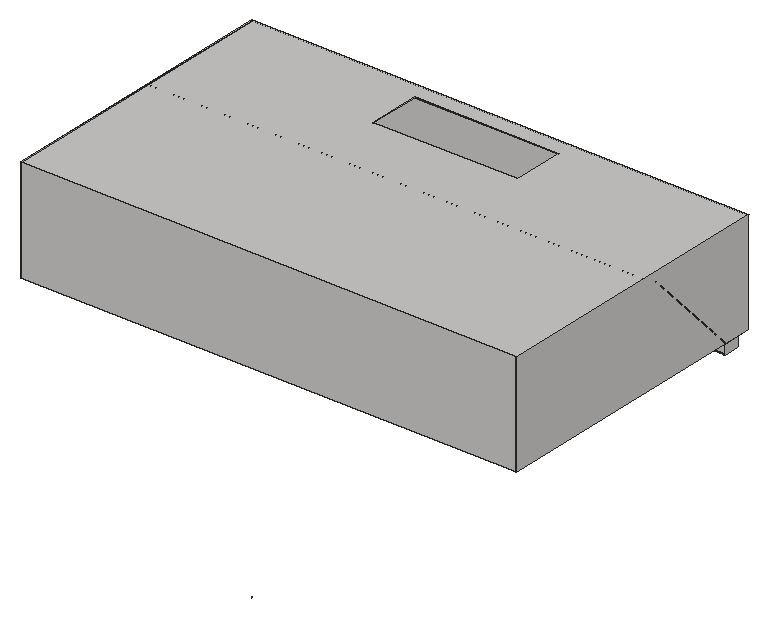
Revit family "QF_ELECTROLUXPROFESSIONAL_642026_EP1424T", category Specialty Equipment, Revit 2014
Reference planes
  plane 1: z = 0
  plane 2 "Center (Left/Right)": x = 150
  plane 3 "LEFT": x = -1050
  plane 4 "RIGHT": x = 1350
  plane 5 "BACK": y = 550
  plane 6 "TOP": z = 2500
  plane 7 "Base": z = 2000
  plane 8: z = 1926
  plane 9 "DrainY": y = 485
  plane 10: x = -1047
  plane 11: through (0, 414.509, 2000.8) normal (0, 0.7314, 0.682)
  plane 12: y = 470
  plane 13: y = 220
  plane 14 "DrainX": x = 1230
  plane 15: x = 500
  plane 16: x = -200
  plane 17: x = 1347
  plane 18: x = 1140
  plane 19: x = 1320
  plane 20: x = -1010
  plane 21: x = -645
  plane 22: x = -450
  plane 23: x = 1310
  plane 24: x = 945
  plane 25: x = 750
  plane 26: x = -47.5
  plane 27: x = 347.5
  plane 28: y = -150
  plane 29: y = -850
Forms (mm)
  Extrusion 1, solid, material "QF_Finishes_Stainless Steel"
    sketch origin (-1050, 0, 360) x (0, 1, 0) y (0, 0, 1)
      loop
        line (550, 1640) -> (550, 2140) -> (-850, 2140) -> (-850, 1640) -> (550, 1640)
    from 0 to 3
  Extrusion 2, solid, material "QF_Finishes_Stainless Steel"
    sketch origin (150, 0, 360) x (0, 1, 0) y (0, 0, 1)
      loop
        line (415.255, 1640) -> (550, 1640) -> (550, 2139.19) -> (549.2, 2139.19) -> (549.2, 1640.8) -> (415.876, 1640.8) -> (339.347, 1722.867) -> (349.609, 1732.436) -> (348.927, 1733.167) -> (337.934, 1722.917) -> (415.255, 1640)
      loop
        line (-82.203, 2139.19) -> (-82.203, 2118.6) -> (-31.047, 2118.6) -> (34.354, 2048.466) -> (46.028, 2059.352) -> (45.346, 2060.083) -> (34.403, 2049.879) -> (-30.612, 2119.6) -> (-81.203, 2119.6) -> (-81.203, 2139.19) -> (-82.203, 2139.19)
    from -1197 to 1197
  Extrusion 3, solid, material "QF_Finishes_Stainless Steel"
    sketch origin (1350, 0, 360) x (0, 1, 0) y (0, 0, 1)
      loop
        line (550, 1640) -> (550, 2140) -> (-850, 2140) -> (-850, 1640) -> (550, 1640)
    from 0 to -3
  Extrusion 4, solid, material "QF_Finishes_Stainless Steel"
    sketch origin (150, 0, 360) x (0, 1, 0) y (0, 0, 1)
      loop
        line (-850, 2140) -> (-850, 1640) -> (-849.2, 1640) -> (-849.2, 2139.19) -> (550, 2139.19) -> (550, 2140) -> (-850, 2140)
    from -1200 to 1200
  Extrusion 5, solid, material "QF_Finishes_Stainless Steel"
    sketch origin (150, 0, 360) x (0, 1, 0) y (0, 0, 1)
      loop
        line (534, 1640) -> (436, 1640) -> (436, 1627) -> (443.5, 1627) -> (443.5, 1576)
        arc (443.5, 1576) -> (446.429, 1568.929) -> (453.5, 1566) r 10
        line (453.5, 1566) -> (516.5, 1566)
        arc (516.5, 1566) -> (523.571, 1568.929) -> (526.5, 1576) r 10
        line (526.5, 1576) -> (526.5, 1627) -> (534, 1627) -> (534, 1640)
    from 990 to 1170
  Extrusion 6, solid, material "QF_Finishes_Stainless Steel"
    sketch origin (0, 0, 2000) x (0, 1, 0) y (-1, 0, 0)
      loop
        circle (485, -1230) r 20
    from -76 to -74
  Extrusion 7, solid, material "QF_Finished_Chrome"
    sketch origin (150, 0, 360) x (0, 1, 0) y (0, 0, 1)
      loop
        line (337.934, 1722.917) -> (341.591, 1726.327) -> (38.011, 2051.876) -> (34.354, 2048.466) -> (337.934, 1722.917)
    from -795 to -1160
  Extrusion 8, solid, material "QF_Finished_Chrome"
    sketch origin (150, 0, 360) x (0, 1, 0) y (0, 0, 1)
      loop
        line (337.934, 1722.917) -> (341.591, 1726.327) -> (38.011, 2051.876) -> (34.354, 2048.466) -> (337.934, 1722.917)
    from -197.5 to -600
  Extrusion 9, solid, material "QF_Finishes_Stainless Steel"
    sketch origin (150, 0, 360) x (0, 1, 0) y (0, 0, 1)
      loop
        line (337.934, 1722.917) -> (341.591, 1726.327) -> (38.011, 2051.876) -> (34.354, 2048.466) -> (337.934, 1722.917)
    from 1197 to 1160
  Extrusion 10, solid, material "QF_Finishes_Stainless Steel"
    sketch origin (150, 0, 360) x (0, 1, 0) y (0, 0, 1)
      loop
        line (341.588, 1726.324) -> (38.009, 2051.874) -> (34.354, 2048.466) -> (337.934, 1722.917) -> (341.588, 1726.324)
    from -795 to -600
  Extrusion 11, solid, material "QF_Finished_Chrome"
    sketch origin (150, 0, 360) x (0, 1, 0) y (0, 0, 1)
      loop
        line (341.588, 1726.324) -> (38.009, 2051.874) -> (34.354, 2048.466) -> (337.934, 1722.917) -> (341.588, 1726.324)
    from 795 to 1160
  Extrusion 12, void
    sketch origin (0, 0, 2500) x (0, 1, 0) y (-1, 0, 0)
      loop
        line (470, 200) -> (220, 200) -> (220, -500) -> (470, -500) -> (470, 200)
    from 0 to -10
  Extrusion 13, solid, material "QF_Finishes_Stainless Steel"
    sketch origin (0, 0, 0) x (1, 0, 0) y (0, 1, 0)
      loop
        line (-1050, 550) -> (-1050, 549) -> (-1049, 549) -> (-1049, 550) -> (-1050, 550)
    from 0 to 1
  Extrusion 14, solid, material "QF_Finishes_Stainless Steel"
    sketch origin (150, 0, 360) x (0, 1, 0) y (0, 0, 1)
      loop
        line (337.934, 1722.917) -> (341.591, 1726.327) -> (38.011, 2051.876) -> (34.354, 2048.466) -> (337.934, 1722.917)
    from -1160 to -1197
  Extrusion 15, solid, material "QF_Finishes_Stainless Steel"
    sketch origin (150, 0, 360) x (0, 1, 0) y (0, 0, -1)
      loop
        line (341.588, -1726.324) -> (337.934, -1722.917) -> (34.354, -2048.466) -> (38.009, -2051.874) -> (341.588, -1726.324)
    from -795 to -600
  Extrusion 16, solid, material "QF_Finished_Chrome"
    sketch origin (150, 0, 360) x (0, 1, 0) y (0, 0, 1)
      loop
        line (337.934, 1722.917) -> (341.591, 1726.327) -> (38.011, 2051.876) -> (34.354, 2048.466) -> (337.934, 1722.917)
    from 600 to 197.5
  Extrusion 17, solid, material "QF_Finishes_Stainless Steel"
    sketch origin (150, 0, 360) x (0, 1, 0) y (0, 0, -1)
      loop
        line (341.588, -1726.324) -> (337.934, -1722.917) -> (34.354, -2048.466) -> (38.009, -2051.874) -> (341.588, -1726.324)
    from -197.5 to 197.5
Cuts and joins
  Extrusion 12 cuts Extrusion 4
  joined: Extrusion 2, Extrusion 4
Lines and regions (mm)
  reference lines
    curve 1: line (150, 34.354, 2408.466) -> (150, 34.354, 2248.466)
  symbolic lines, style "SpecialityEquipment", detail levels coarse
    curve 2: line (1350, 550, 2500) -> (-1050, 550, 2500)
    curve 3: line (-1050, 550, 2500) -> (-1050, -850, 2500)
    curve 4: line (1350, -850, 2500) -> (1350, 550, 2500)
    curve 5: line (-1050, -850, 2500) -> (1350, -850, 2500)
    curve 6: line (-200, 220, 2500) -> (500, 220, 2500)
    curve 7: line (-200, 470, 2500) -> (-200, 220, 2500)
    curve 8: line (500, 470, 2500) -> (-200, 470, 2500)
    curve 9: line (500, 220, 2500) -> (500, 470, 2500)
    curve 10: line (-1050, 550, 0) -> (1350, -850, 0)
    curve 11: line (1350, 550, 0) -> (-1050, -850, 0)
Dimensions and locks
  plane 3 "LEFT" to plane 4 "RIGHT" = 2400 mm
  equal spacing: plane 3 "LEFT", plane 2 "Center (Left/Right)", plane 4 "RIGHT"
  plane 7 "Base" to plane 8 = 74 mm
  plane 5 "BACK" to plane 9 "DrainY" = 65 mm  (x2)
  plane 3 "LEFT" to plane 10 = 3 mm
  plane 5 "BACK" to plane 12 = 80 mm
  plane 12 to plane 13 = 250 mm  (x2)
  plane 14 "DrainX" to plane 4 "RIGHT" = 120 mm
  plane 17 to plane 4 "RIGHT" = 3 mm
  locked: plane 18 to plane 14 "DrainX" at 90
  locked: plane 14 "DrainX" to plane 19 at 90
  plane 12 to plane 5 "BACK" = 80 mm
  locked: plane 3 "LEFT" to plane 20 at 40
  locked: plane 20 to plane 21 at 365
  locked: plane 21 to plane 22 at 195
  locked: plane 23 to plane 24 at 365
  locked: plane 24 to plane 25 at 195
  locked: plane 23 to plane 4 "RIGHT" at 40
  locked: plane 26 to plane 27 at 395
  equal spacing: plane 26, plane 2 "Center (Left/Right)", plane 27
  locked: plane 16 to plane 15 at 700
  equal spacing: plane 16, plane 2 "Center (Left/Right)", plane 15
  plane 22 to plane 26 = 402.5 mm
  plane 27 to plane 25 = 402.5 mm
  locked: plane 7 "Base" to level at 2000
  locked: plane 6 "TOP" to plane 7 "Base" at 500
  locked: plane 5 "BACK" to plane 29 at 1400
  equal spacing: plane 5 "BACK", plane 28, plane 29
  plane 5 "BACK" to plane 29 = 1400 mm
  aligned and locked: level to plane 1
  aligned and locked: Extrusion 2 to Extrusion 1
  aligned and locked: Extrusion 2 to Extrusion 3
  aligned and locked: plane 4 "RIGHT" to Extrusion 4
  aligned and locked: Extrusion 4 to plane 3 "LEFT"
  aligned and locked: plane 17 to Extrusion 9
  aligned and locked: plane 16 to Extrusion 12
  aligned and locked: Extrusion 12 to plane 15
  aligned and locked: Extrusion 12 to plane 13
  aligned and locked: Extrusion 12 to plane 12
  aligned and locked: Extrusion 2 to Extrusion 4
  aligned and locked: plane 19 to Extrusion 5
  aligned and locked: Extrusion 5 to plane 18
  aligned and locked: Extrusion 9 to plane 23
  aligned and locked: Extrusion 11 to plane 23
  aligned and locked: Extrusion 11 to plane 24
  aligned and locked: Extrusion 8 to plane 22
  aligned and locked: plane 22 to Extrusion 10
  aligned and locked: Extrusion 10 to plane 21
  aligned and locked: plane 21 to Extrusion 7
  aligned and locked: Extrusion 7 to plane 20
  aligned and locked: Extrusion 14 to plane 10
  aligned and locked: plane 20 to Extrusion 14
  aligned and locked: Extrusion 15 to plane 25
  aligned and locked: Extrusion 15 to plane 24
  aligned and locked: Extrusion 3 to plane 17
  aligned and locked: plane 26 to Extrusion 8
  aligned and locked: Extrusion 16 to plane 25
  aligned and locked: Extrusion 16 to plane 27
  aligned and locked: plane 27 to Extrusion 17
  aligned and locked: Extrusion 17 to plane 26
Automatic sketch dimensions
  Extrusion 1 sketch curve to plane 7 "Base" = 0 mm
  Extrusion 1 sketch curve to plane 5 "BACK" = 0 mm
  Extrusion 1 sketch curve to plane 6 "TOP" = 0 mm
  Extrusion 2 sketch curve to plane 11 = 0 mm  (x3)
  Extrusion 2 sketch curve to plane 7 "Base" = 0 mm
  plane 11 to Extrusion 2 sketch curve = 0 mm
  Extrusion 2 sketch curve to plane 5 "BACK" = 0 mm
  Extrusion 2 sketch curve to Extrusion 2 sketch curve = 65.646 mm
  Extrusion 2 sketch curve to Extrusion 2 sketch curve = 0.682 mm  (x2)
  Extrusion 2 sketch curve to Extrusion 2 sketch curve = 10.261 mm
  plane 7 "Base" to Extrusion 2 sketch curve = 82.917 mm
  Extrusion 2 sketch curve to Extrusion 2 sketch curve = 10.942 mm
  Extrusion 2 sketch curve to Extrusion 2 sketch curve = 0.049 mm
  Extrusion 2 sketch curve to plane 6 "TOP" = 20.4 mm
  Extrusion 2 sketch curve to plane 6 "TOP" = 21.4 mm
  Extrusion 2 sketch curve to plane 6 "TOP" = 0.81 mm  (x2)
  Extrusion 2 sketch curve to Extrusion 2 sketch curve = 50.156 mm
  Extrusion 2 sketch curve to Extrusion 2 sketch curve = 1 mm
  plane 7 "Base" to Extrusion 2 sketch curve = 0.8 mm
  Extrusion 2 sketch curve to plane 5 "BACK" = 0.8 mm
  Extrusion 3 sketch curve to plane 7 "Base" = 0 mm
  Extrusion 3 sketch curve to plane 5 "BACK" = 0 mm
  Extrusion 3 sketch curve to plane 6 "TOP" = 0 mm
  Extrusion 4 sketch curve to plane 5 "BACK" = 0 mm
  Extrusion 4 sketch curve to plane 6 "TOP" = 0 mm
  Extrusion 4 sketch curve to plane 6 "TOP" = 0.81 mm
  curve 1 to plane 11 = 0 mm
  Extrusion 5 sketch curve to plane 7 "Base" = 0 mm
  Extrusion 5 sketch curve to plane 8 = 0 mm
  Extrusion 5 sketch curve to plane 7 "Base" = 13 mm  (x2)
  plane 12 to Extrusion 5 sketch curve = 34 mm
  Extrusion 5 sketch curve to Extrusion 5 sketch curve = 7.5 mm  (x2)
  Extrusion 5 sketch curve to Extrusion 5 sketch curve = 10 mm
  plane 9 "DrainY" to Extrusion 5 sketch curve = 31.5 mm
  Extrusion 5 sketch curve to plane 5 "BACK" = 23.5 mm
  Extrusion 6 sketch curve to plane 9 "DrainY" = 0 mm
  Extrusion 6 sketch curve to plane 14 "DrainX" = 0 mm
  Extrusion 7 sketch curve to plane 11 = 0 mm  (x2)
  Extrusion 7 sketch curve to Extrusion 7 sketch curve = 3.657 mm
  plane 7 "Base" to Extrusion 7 sketch curve = 82.917 mm
  Extrusion 8 sketch curve to plane 11 = 0 mm  (x2)
  Extrusion 8 sketch curve to Extrusion 8 sketch curve = 3.657 mm
  plane 7 "Base" to Extrusion 8 sketch curve = 82.917 mm
  Extrusion 9 sketch curve to plane 11 = 0 mm  (x2)
  Extrusion 9 sketch curve to Extrusion 9 sketch curve = 3.657 mm
  plane 7 "Base" to Extrusion 9 sketch curve = 82.917 mm
  Extrusion 10 sketch curve to plane 11 = 0 mm  (x2)
  Extrusion 10 sketch curve to Extrusion 10 sketch curve = 3.655 mm
  plane 7 "Base" to Extrusion 10 sketch curve = 82.917 mm
  Extrusion 11 sketch curve to plane 11 = 0 mm  (x2)
  Extrusion 11 sketch curve to Extrusion 11 sketch curve = 3.655 mm
  plane 7 "Base" to Extrusion 11 sketch curve = 82.917 mm
  Extrusion 12 sketch curve to plane 13 = 0 mm
  plane 12 to Extrusion 12 sketch curve = 0 mm
  Extrusion 12 sketch curve to plane 15 = 0 mm
  Extrusion 12 sketch curve to plane 16 = 0 mm
  Extrusion 13 sketch curve to plane 3 "LEFT" = 0 mm
  Extrusion 13 sketch curve to plane 5 "BACK" = 0 mm
  plane 3 "LEFT" to Extrusion 13 sketch curve = 1 mm
  Extrusion 13 sketch curve to Extrusion 13 sketch curve = 1 mm
  Extrusion 14 sketch curve to plane 11 = 0 mm  (x2)
  Extrusion 14 sketch curve to Extrusion 14 sketch curve = 3.657 mm
  plane 7 "Base" to Extrusion 14 sketch curve = 82.917 mm
  Extrusion 15 sketch curve to plane 11 = 0 mm  (x2)
  Extrusion 15 sketch curve to Extrusion 15 sketch curve = 3.655 mm
  plane 7 "Base" to Extrusion 15 sketch curve = 82.917 mm
  Extrusion 16 sketch curve to plane 11 = 0 mm  (x2)
  Extrusion 16 sketch curve to Extrusion 16 sketch curve = 3.657 mm
  plane 7 "Base" to Extrusion 16 sketch curve = 82.917 mm
  Extrusion 17 sketch curve to plane 11 = 0 mm  (x2)
  Extrusion 17 sketch curve to Extrusion 17 sketch curve = 3.655 mm
  plane 7 "Base" to Extrusion 17 sketch curve = 82.917 mm
  Extrusion 4 sketch curve to Extrusion 4 sketch curve = 499.19 mm
  curve 1 to curve 1 = 160 mm
  Extrusion 4 sketch curve to Extrusion 4 sketch curve = 0.8 mm
  Extrusion 1 sketch curve to plane 13 = 1070 mm
  Extrusion 2 sketch curve to plane 6 "TOP" = 91.534 mm
  Extrusion 3 sketch curve to plane 13 = 1070 mm
  Extrusion 4 sketch curve to plane 13 = 1069.2 mm
  curve 1 to plane 13 = 185.646 mm
  Extrusion 7 sketch curve to plane 6 "TOP" = 88.124 mm
  Extrusion 8 sketch curve to plane 6 "TOP" = 88.124 mm
  Extrusion 9 sketch curve to plane 6 "TOP" = 88.124 mm
  Extrusion 10 sketch curve to plane 6 "TOP" = 88.126 mm
  Extrusion 11 sketch curve to plane 6 "TOP" = 88.126 mm
  Extrusion 14 sketch curve to plane 6 "TOP" = 88.124 mm
  Extrusion 15 sketch curve to plane 6 "TOP" = 88.126 mm
  Extrusion 16 sketch curve to plane 6 "TOP" = 88.124 mm
  Extrusion 17 sketch curve to plane 6 "TOP" = 88.126 mm
  curve 5 to plane 4 "RIGHT" = 0 mm
  curve 3 to plane 3 "LEFT" = 0 mm
  curve 6 to plane 13 = 0 mm
  plane 12 to curve 8 = 0 mm
  curve 3 to plane 5 "BACK" = 0 mm
  curve 6 to plane 15 = 0 mm
  curve 8 to plane 16 = 0 mm
  curve 5 to plane 29 = 0 mm
  curve 11 to plane 3 "LEFT" = 0 mm
  curve 10 to plane 3 "LEFT" = 0 mm
  curve 11 to plane 4 "RIGHT" = 0 mm
  curve 10 to plane 4 "RIGHT" = 0 mm
  curve 10 to plane 29 = 0 mm
  curve 11 to plane 29 = 0 mm
  curve 11 to plane 5 "BACK" = 0 mm
  curve 10 to plane 5 "BACK" = 0 mm
  radius of Extrusion 6 sketch curve = 20 mm
Connectors
  piping at (1230, 485, 1924), diameter 20
    settings: on Extrusion 6, index 1, connector inside diameter 609.6 mm, connector length 0 mm, flow factor 0, pipe flow 0.0 L/s, pressure drop 0.0 Pa, fitting loss kfactor 0, connector angle 0.00°, fixture units 0, engagement length 0 mm, angle of deflection 0.00°, flow configuration 1, flow direction 2, fitting loss method 0, system type 16, joint type 0, gender type 0, connector reference index -1, connector utility 0, adjustable connector no, is connector primary yes, connector description "Drain"
  hvac at (150, 345, 2500)
    settings: on Extrusion 12, index 2, duct flow 0.0 L/s, flow factor 0, pres drop 0.0 Pa, loss coef 0, conn angle 0.00°, conn width 250 mm, conn height 700 mm, conn diameter 609.6 mm, duct sys type 3, conn prof type 1, flow config 1, flow direction 0, loss method 0, conn ref index -1, conn util no, is conn primary yes, conn desc "EXHAUST OUTLET"
